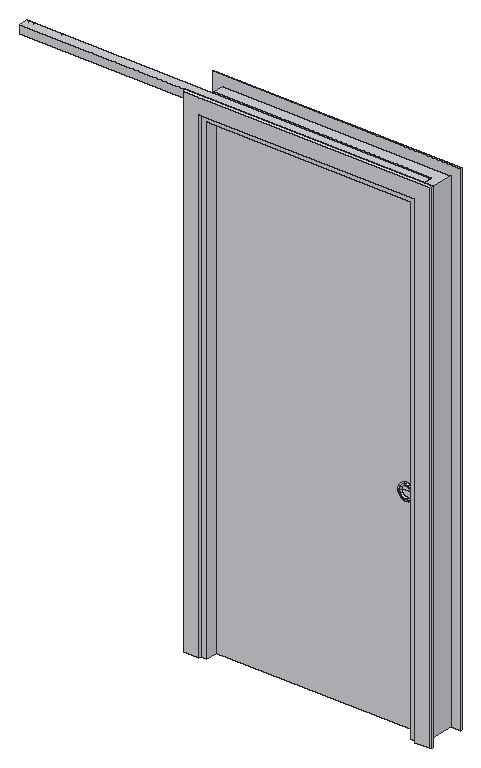
Revit family "Porta de correr com revestimento - 1 Painel embutido na parede", category Portas, Revit 2019
Family settings
  Hospedeiro = Parede
  Número OmniClass = 23.30.10.00
  Título OmniClass = Doors
  Sempre na vertical = Sim
  Corte com vazios quando carregada = Não
  Compartilhado = Não
  Ponto de cálculo do ambiente = Não
Parameters (values of type "970 x 2100mm")
  Visual Light Transmittance = 0
  Largura da apara = 70 mm
  Espessura da apara = 10 mm
  Material da apara = none
  Solar Heat Gain Coefficient = 0
  Material deslizante = none
  Rough Width = 970 mm
  Rough Height = 2100 mm
  Largura do painel = Width - Largura da estrutura  # 920 mm
  ID do tipo de construção = ""
  Coeficiente de transferência de calor (U) = 3.7021 W/(m²·K)
  Material do puxador = none
  Estender largura = Width - Largura da estrutura - 80 mm  # 840 mm
  Espessura do painel = 45 mm
  Material do painel = none
  Função = Interior
  Largura da estrutura = 50 mm
  Height = Rough Height  # 2100 mm
  Fechamento da parede = Por hospedeiro
  Width = Rough Width  # 970 mm
  Material da moldura = none
  Construção analítica = Metal
Types (5, lengths in mm): name | Rough Width | Largura do painel | Estender largura | Width
  (no name) | 970 | 920 | 840 | 970
  970 x 2100mm | 970 | 920 | 840 | 970
  670 x 2100mm | 670 | 620 | 540 | 670
  770 x 2100mm | 770 | 720 | 640 | 770
  870 x 2100mm | 870 | 820 | 740 | 870
Reference planes
  plane 1: y = 0
  plane 2 "Centro (Esquerda/Direita)": x = 0
  plane 3 "Esquerda": x = -485
  plane 4 "Direita": x = 485
  plane 5: z = 2100
  plane 6 "Exterior": y = 75
  plane 7 "Interior": y = -75
  plane 8: z = 0
  plane 9: x = -435
  plane 10: x = 435
  plane 11: y = 22.5
  plane 12: y = -22.5
  plane 13: y = 27.5
  plane 14: y = -27.5
  plane 15: x = -1275
  plane 16: x = 444
  plane 17: x = -25
  plane 18: x = -945
  plane 19: z = 2050
  plane 20: z = 1025
  plane 21: z = 900
  plane 22: x = 375
  plane 23: x = -970
  plane 24: z = 2055
  plane 25: x = -137.5
  plane 26: x = 137.5
  plane 27: through (-137.5, -300, 1025) normal (-0.5, 0, 0.866)
  plane 28: through (-137.5, -300, 1025) normal (0.5, 0, 0.866)
Forms (mm)
  Sweep 1, solid, material <- "Material da moldura", detail levels medium
    path origin (0, 0, 0) x (1, 0, 0) y (0, 0, 1)
      loop
        line (-485, 0) -> (-485, 2100) -> (435, 2100)
    profile origin (-485, 0, 1050) x (-1, 0, 0) y (0, -1, 0)
      loop
        line (0, -75) -> (0, -27.5) -> (-50, -27.5) -> (-50, -75) -> (0, -75)
      loop
        line (0, 27.5) -> (0, 75) -> (-50, 75) -> (-50, 27.5) -> (0, 27.5)
  Extrusion 2, solid, material <- "Material da moldura", detail levels medium
    sketch origin (0, 0, 0) x (1, 0, 0) y (0, 1, 0)
      loop
        line (435, 75) -> (435, -75) -> (485, -75) -> (485, 75) -> (435, 75)
    from 0 to 2100
  Extrusion 3, solid, material <- "Material do painel", detail levels fine
    sketch origin (0, 0, 0) x (1, 0, 0) y (0, 1, 0)
      loop
        line (-485, 22.5) -> (-485, -22.5) -> (435, -22.5) -> (435, 22.5) -> (-485, 22.5)
    from 0 to 2055
  Sweep 4, solid, material <- "Material deslizante", detail levels fine
    path origin (0, 0, 2100) x (0, -1, 0) y (1, 0, 0)
      loop
        line (0, -1275) -> (0, 444)
    profile "Perfil_Deslizante_F : Perfil_Deslizante_F" origin (-415.5, 0, 2100) x (0, 1, 0) y (0, 0, 1)
      loop
        line (2.875, -33) -> (2.875, -35) -> (17.5, -35) -> (17.5, 0) -> (-17.5, 0) -> (-17.5, -35) -> (-2.875, -35) -> (-2.875, -33) -> (-15.5, -33) -> (-15.5, -2) -> (15.5, -2) -> (15.5, -33) -> (2.875, -33)
      loop
        line (-5.875, -21.25) -> (-1.25, -21.25) -> (-1.25, -45) -> (1.25, -45) -> (1.25, -21.25) -> (5.875, -21.25) -> (5.875, -32) -> (10.875, -32) -> (10.875, -8.25) -> (5.875, -8.25) -> (5.875, -18.75) -> (-5.875, -18.75) -> (-5.875, -8.25) -> (-10.875, -8.25) -> (-10.875, -32) -> (-5.875, -32) -> (-5.875, -21.25)
  Extrusion 5, solid, material <- "Material da moldura", detail levels fine
    sketch origin (3125, 300, 0) x (1, 0, 0) y (0, 1, 0)
      loop
        line (-2690, -225) -> (-2690, -272.5) -> (-2681, -272.5) -> (-2681, -327.5) -> (-2690, -327.5) -> (-2690, -375) -> (-2640, -375) -> (-2640, -225) -> (-2690, -225)
    from 2100 to 0
  Sweep 6, solid, material <- "Material da moldura", detail levels fine
    path origin (0, 0, 0) x (1, 0, 0) y (0, 0, 1)
      loop
        line (-485, 0) -> (-485, 2100) -> (485, 2100)
    profile origin (-485, 0, 1050) x (-1, 0, 0) y (0, -1, 0)
      loop
        line (0, -75) -> (0, -27.5) -> (-50, -27.5) -> (-50, -75) -> (0, -75)
      loop
        line (0, 27.5) -> (0, 75) -> (-50, 75) -> (-50, 27.5) -> (0, 27.5)
  Extrusion 7, solid, material <- "Material do painel", detail levels coarse
    sketch origin (0, 0, 2100) x (0, -1, 0) y (-1, 0, 0)
      loop
        line (-27.5, 485) -> (-27.5, -485) -> (27.5, -485) -> (27.5, 485) -> (-27.5, 485)
    from 0 to 2100
  Extrusion 8, solid, material <- "Material do painel", detail levels medium
    sketch origin (0, 0, 2100) x (0, -1, 0) y (-1, 0, 0)
      loop
        line (-27.5, 485) -> (-27.5, -435) -> (27.5, -435) -> (27.5, 485) -> (-27.5, 485)
    from 50 to 2100
  Extrusion 9, void
    sketch origin (0, 75, 0) x (1, 0, 0) y (0, 0, 1)
      loop
        circle (375, 900) r 30
    from 47.5 to 102.5
  Sweep 10, solid, material <- "Material da apara", detail levels fine
    path origin (0, 75, 0) x (1, 0, 0) y (0, 0, 1)
      loop
        line (-485, 0) -> (-485, 2100) -> (485, 2100) -> (485, 0)
    profile "Perfil da apara : Perfil da apara" origin (485, 75, 1050) x (1, 0, 0) y (0, -1, 0)
      loop
        line (43, 0) -> (-27, 0) -> (-27, -10) -> (37, -10) -> (43, -4) -> (43, 0)
  Sweep 11, solid, material <- "Material da apara", detail levels fine
    path origin (0, -75, 0) x (1, 0, 0) y (0, 0, 1)
      loop
        line (485, 0) -> (485, 2100) -> (-485, 2100) -> (-485, 0)
    profile "Perfil da apara : Perfil da apara" origin (485, -75, 1050) x (-1, 0, 0) y (0, -1, 0)
      loop
        line (-43, 0) -> (27, 0) -> (27, 10) -> (-37, 10) -> (-43, 4) -> (-43, 0)
Cuts and joins
  joined: Sweep 1, Extrusion 2
  joined: Extrusion 5, Sweep 6
  Extrusion 9 cuts Extrusion 3
Lines and regions (mm)
  Opening 1
    outline origin (-3050, -75, 0) x (1, 0, 0) y (0, 0, 1)
      loop
        line (2565, 0) -> (3535, 0) -> (3535, 2100) -> (2565, 2100) -> (2565, 0)
  Masking region 1, detail levels fine
    outline origin (0, 0, 2100) x (0, -1, 0) y (1, 0, 0)
      loop
        line (-22.5, -485) -> (-27.5, -485) -> (-27.5, -1275) -> (27.5, -1275) -> (27.5, -485) -> (22.5, -485) -> (22.5, -25) -> (-22.5, -25) -> (-22.5, -485)
  Masking region 2, detail levels coarse
    outline origin (0, 0, 2100) x (0, -1, 0) y (1, 0, 0)
      loop
        line (-27.5, -1275) -> (27.5, -1275) -> (27.5, 0) -> (-27.5, 0) -> (-27.5, -1275)
  Masking region 3, detail levels medium
    outline origin (0, 0, 2100) x (0, -1, 0) y (1, 0, 0)
      loop
        line (-27.5, -1275) -> (27.5, -1275) -> (27.5, -25) -> (-27.5, -25) -> (-27.5, -1275)
  symbolic lines, style "DoorsPanelProjection", detail levels fine
    curve 1: line (-945, 22.5, 2100) -> (-25, 22.5, 2100)
    curve 2: line (-945, -22.5, 2100) -> (-945, 22.5, 2100)
    curve 3: line (-25, -22.5, 2100) -> (-945, -22.5, 2100)
    curve 4: line (-25, 22.5, 2100) -> (-25, -22.5, 2100)
  symbolic lines, style "Doors"
    curve 5: line (-485, 27.5, 2100) -> (-1275, 27.5, 2100)
    curve 6: line (-1275, 27.5, 2100) -> (-1275, -27.5, 2100)
    curve 7: line (-1275, -27.5, 2100) -> (-485, -27.5, 2100)
  symbolic lines, style "Giro da elevação", detail levels medium+fine
    curve 8: line (-485, 22.5, 2050) -> (-1275, 22.5, 2050)
    curve 9: line (-1275, 22.5, 2050) -> (-1275, 22.5, 0)
    curve 22: line (435, 75, 2050) -> (-435, 75, 0)
    curve 23: line (435, 75, 0) -> (-435, 75, 2050)
  symbolic lines, style "DoorsPanelProjection", detail levels coarse
    curve 10: line (-970, 27.5, 2100) -> (0, 27.5, 2100)
    curve 11: line (-970, -27.5, 2100) -> (-970, 27.5, 2100)
    curve 12: line (0, -27.5, 2100) -> (-970, -27.5, 2100)
    curve 13: line (0, 27.5, 2100) -> (0, -27.5, 2100)
  symbolic lines, style "Giro da elevação", detail levels coarse
    curve 14: line (-485, 22.5, 2100) -> (-1275, 22.5, 2100)
    curve 15: line (-1275, 22.5, 2100) -> (-1275, 22.5, 0)
    curve 20: line (485, 75, 2100) -> (-485, 75, 0)
    curve 21: line (485, 75, 0) -> (-485, 75, 2100)
  symbolic lines, style "DoorsPanelProjection", detail levels medium
    curve 16: line (-945, 27.5, 2100) -> (-25, 27.5, 2100)
    curve 17: line (-945, -27.5, 2100) -> (-945, 27.5, 2100)
    curve 18: line (-25, -27.5, 2100) -> (-945, -27.5, 2100)
    curve 19: line (-25, 27.5, 2100) -> (-25, -27.5, 2100)
  symbolic lines, style "Seta"
    curve 24: line (-137.5, 0, 1025) -> (137.5, 0, 1025)
    curve 25: line (-137.5, 0, 1025) -> (-59.558, 0, 1070)
    curve 26: line (-137.5, 0, 1025) -> (-59.558, 0, 980)
Text (mm)
  text "Externo" at (-2295.016, 1099.543, 0), in view "Nível de referência"
  text "Externo" at (0, 1615.38, 3698.081), in view "Esquerda"
  text "Externo" at (0, 1036.032, 3874.932), in view "Direita"
Dimensions and locks
  equal spacing: plane 3 "Esquerda", plane 2 "Centro (Esquerda/Direita)", plane 4 "Direita"
  "Width": plane 3 "Esquerda" to plane 4 "Direita"
  "Height": plane 5 to host wall
  locked: plane 6 "Exterior" to host wall at 0
  locked: plane 7 "Interior" to host wall
  locked: level to plane 8 at 0
  "Largura da estrutura": plane 3 "Esquerda" to plane 9
  "Largura da estrutura": plane 10 to plane 4 "Direita"
  equal spacing: plane 11, plane 1, plane 12
  "Espessura do painel": plane 11 to plane 12
  locked: plane 13 to plane 11 at 5
  locked: plane 12 to plane 14 at 5
  "Estender largura": plane 15 to plane 9
  locked: plane 10 to plane 16 at 9
  equal spacing: plane 18, plane 3 "Esquerda", plane 17
  "Largura do painel": plane 18 to plane 17
  "Largura da estrutura": plane 19 to plane 5
  equal spacing: plane 8, plane 20, plane 19
  locked: plane 8 to plane 21 at 900
  locked: plane 22 to plane 10 at 60
  "Width": plane 23 to plane 2 "Centro (Esquerda/Direita)"
  equal spacing: plane 23, plane 3 "Esquerda", plane 2 "Centro (Esquerda/Direita)"
  locked: plane 24 to plane 19 at 5
  locked: plane 25 to plane 26 at 275
  equal spacing: plane 25, plane 2 "Centro (Esquerda/Direita)", plane 26
  locked: curve 25 to curve 25 at 90
  locked: curve 26 to curve 26 at 90
  locked: plane 20 to plane 27 (angle 30.00°)
  locked: plane 28 to plane 20 (angle 30.00°)
  aligned and locked: plane 3 "Esquerda" to Opening 1 sketch curve
  aligned and locked: plane 5 to Opening 1 sketch curve  (x2)
  aligned and locked: Opening 1 sketch curve to plane 4 "Direita"
  aligned and locked: Opening 1 sketch curve to level
  aligned and locked: plane 1 to host wall
  aligned and locked: Sweep 1 sketch curve to plane 3 "Esquerda"
  aligned and locked: plane 5 to Sweep 1 sketch curve
  aligned and locked: Sweep 1 sketch curve to host wall  (x2)
  aligned and locked: host wall to Sweep 1 sketch curve
  aligned and locked: plane 13 to Sweep 1 sketch curve
  aligned and locked: Sweep 1 sketch curve to plane 9  (x2)
  aligned and locked: plane 14 to Sweep 1 sketch curve
  aligned and locked: profile plane to Sweep 1 sketch curve
  aligned and locked: Extrusion 2 sketch curve to host wall  (x3)
  aligned and locked: plane 10 to Extrusion 2 sketch curve
  aligned and locked: Extrusion 2 to plane 5
  aligned and locked: Extrusion 2 to plane 8
  aligned and locked: plane 10 to Sweep 1 sketch curve
  aligned and locked: Extrusion 3 sketch curve to plane 11
  aligned and locked: Extrusion 3 sketch curve to plane 3 "Esquerda"
  aligned and locked: plane 12 to Extrusion 3 sketch curve
  aligned and locked: Extrusion 3 sketch curve to plane 10
  aligned and locked: plane 8 to Extrusion 3
  aligned and locked: plane 1 to Sweep 4 sketch curve
  aligned and locked: plane 6 "Exterior" to Extrusion 5 sketch curve
  aligned and locked: plane 4 "Direita" to Extrusion 5 sketch curve
  aligned and locked: Extrusion 5 sketch curve to plane 7 "Interior"
  aligned and locked: plane 10 to Extrusion 5 sketch curve  (x2)
  aligned and locked: plane 14 to Extrusion 5 sketch curve
  aligned and locked: plane 16 to Extrusion 5 sketch curve
  aligned and locked: plane 13 to Extrusion 5 sketch curve
  aligned and locked: Extrusion 5 to plane 8
  aligned: Extrusion 5 to plane 5
  aligned and locked: Extrusion 5 to plane 5
  aligned and locked: plane 16 to Sweep 4 sketch curve
  aligned and locked: plane 11 to Masking region 1 sketch curve
  aligned and locked: plane 17 to Masking region 1 sketch curve
  aligned and locked: plane 11 to curve 1
  aligned and locked: curve 2 to plane 18
  aligned and locked: curve 3 to Masking region 1
  aligned and locked: curve 4 to Masking region 1
  aligned and locked: plane 13 to curve 5
  aligned and locked: curve 6 to plane 15
  aligned and locked: plane 14 to curve 7
  aligned and locked: plane 19 to Sweep 1
  aligned and locked: plane 15 to curve 9
  aligned and locked: curve 8 to plane 19
  aligned and locked: curve 10 to curve 5
  aligned and locked: curve 11 to plane 23
  aligned and locked: plane 14 to curve 12
  aligned and locked: plane 2 "Centro (Esquerda/Direita)" to curve 13
  aligned and locked: Masking region 2 sketch curve to curve 12
  aligned and locked: Masking region 2 sketch curve to curve 13
  aligned and locked: Sweep 6 sketch curve to plane 3 "Esquerda"
  aligned and locked: plane 5 to Sweep 6 sketch curve
  aligned and locked: Sweep 6 sketch curve to Sweep 1  (x6)
  aligned and locked: host wall to Sweep 6 sketch curve
  aligned and locked: Extrusion 7 sketch curve to Sweep 1
  aligned and locked: plane 14 to Extrusion 7 sketch curve
  aligned and locked: Extrusion 7 sketch curve to plane 4 "Direita"
  aligned and locked: Extrusion 7 to level
  aligned and locked: Extrusion 7 to plane 5
  aligned and locked: plane 13 to Extrusion 8 sketch curve
  aligned and locked: Extrusion 8 sketch curve to Extrusion 5  (x2)
  aligned and locked: Extrusion 8 sketch curve to plane 3 "Esquerda"
  aligned and locked: Extrusion 8 to plane 8
  aligned and locked: plane 19 to Extrusion 8
  aligned and locked: plane 15 to curve 15
  aligned and locked: plane 5 to curve 14
  aligned and locked: Masking region 3 sketch curve to curve 5
  aligned and locked: Masking region 3 sketch curve to curve 6
  aligned and locked: Extrusion 8 to Masking region 3 sketch curve
  aligned and locked: plane 17 to Masking region 3 sketch curve
  aligned and locked: curve 10 to curve 16
  aligned and locked: curve 17 to plane 18
  aligned and locked: curve 12 to curve 18
  aligned and locked: plane 17 to curve 19
  aligned and locked: plane 24 to Extrusion 3
  aligned and locked: plane 22 to nested 1
  aligned and locked: plane 1 to nested 1
  aligned and locked: plane 21 to nested 1
  aligned and locked: plane 21 to Extrusion 9 sketch curve
  aligned and locked: plane 22 to Extrusion 9 sketch curve
  aligned and locked: plane 13 to Extrusion 9
  aligned and locked: plane 14 to Extrusion 9
  aligned and locked: plane 15 to Sweep 4 sketch curve
  aligned and locked: plane 5 to curve 20
  aligned and locked: plane 4 "Direita" to curve 20
  aligned and locked: plane 5 to curve 21
  aligned and locked: plane 3 "Esquerda" to curve 21
  aligned and locked: plane 8 to curve 21
  aligned and locked: plane 4 "Direita" to curve 21
  aligned and locked: plane 8 to curve 20
  aligned and locked: plane 3 "Esquerda" to curve 20
  aligned and locked: plane 19 to curve 22
  aligned and locked: plane 10 to curve 22
  aligned and locked: plane 19 to curve 23
  aligned and locked: plane 9 to curve 23
  aligned and locked: plane 8 to curve 22
  aligned and locked: plane 9 to curve 22
  aligned and locked: plane 8 to curve 23
  aligned and locked: plane 10 to curve 23
  aligned and locked: plane 15 to Masking region 2 sketch curve
  aligned and locked: Masking region 1 sketch curve to plane 3 "Esquerda"  (x2)
  aligned and locked: plane 14 to Masking region 1 sketch curve
  aligned and locked: plane 13 to Masking region 1 sketch curve
  aligned and locked: Masking region 1 sketch curve to plane 15
  aligned and locked: plane 14 to Sweep 6 sketch curve
  aligned and locked: curve 25 to plane 27
  aligned and locked: curve 26 to plane 28
  aligned and locked: nested 2 to plane 5
  aligned and locked: Sweep 4 to plane 5
  aligned and locked: plane 4 "Direita" to Sweep 10 sketch curve
  aligned and locked: plane 5 to Sweep 10 sketch curve
  aligned and locked: plane 3 "Esquerda" to Sweep 10 sketch curve
  aligned and locked: Sweep 11 sketch curve to plane 4 "Direita"
  aligned and locked: Sweep 11 sketch curve to plane 5
  aligned and locked: Sweep 11 sketch curve to plane 3 "Esquerda"
Automatic sketch dimensions
  Masking region 1 sketch curve to plane 12 = 0 mm
  Sweep 1 sketch curve to level = 0 mm
  plane 14 to curve 6 = 0 mm
  curve 5 to plane 3 "Esquerda" = 0 mm
  curve 7 to plane 3 "Esquerda" = 0 mm
  plane 3 "Esquerda" to curve 14 = 0 mm
  plane 3 "Esquerda" to curve 8 = 0 mm
  curve 9 to level = 0 mm
  Masking region 2 sketch curve to plane 13 = 0 mm
  plane 4 "Direita" to Sweep 6 sketch curve = 0 mm
  Sweep 6 sketch curve to level = 0 mm
  Sweep 6 sketch curve to Sweep 6 sketch curve = 50 mm
  Extrusion 7 sketch curve to plane 13 = 0 mm
  curve 24 to plane 26 = 0 mm
  Sweep 11 sketch curve to level = 0 mm  (x2)
  Sweep 10 sketch curve to level = 0 mm  (x2)
  radius of Extrusion 9 sketch curve = 30 mm
Nested families
  nested 1: "Maçaneta da porta 5" at (375, 0, 900), type "Maçaneta da porta 5"
  nested 2: "Deslizante_G" at (12.5, 0, 2100), type "Deslizante_G", detail levels medium
Definition of nested family "Maçaneta da porta 5"
  Parameters
    Espessura do painel = 45 mm
    Material do puxador = none
  Reference planes
    plane 1 "Centro (Frente/Trás)": y = 0
    plane 2: z = 0
    plane 3 "Centro (Esquerda/Direita)": x = 0
    plane 4: y = 22.5
    plane 5: y = -22.5
    plane 6: y = 12.5
    plane 7: y = -12.5
    plane 8: y = 32.5
    plane 9: y = -32.5
  Forms (mm)
    Revolve 1, solid, material <- "Material do puxador", detail levels fine
      sketch origin (0, 0, 0) x (1, 0, 0) y (0, 1, 0)
        loop
          arc (-30, 27.5) -> (-33.536, 26.036) -> (-35, 22.5) r 5
          line (-35, 22.5) -> (-30, 22.5) -> (-30, 12.5) -> (0, 12.5) -> (0, 17.5) -> (-25, 17.5) -> (-25, 27.5) -> (-30, 27.5)
        loop
          line (-30, -27.5) -> (-25, -27.5) -> (-25, -17.5) -> (0, -17.5) -> (0, -12.5) -> (-30, -12.5) -> (-30, -22.5) -> (-35, -22.5)
          arc (-35, -22.5) -> (-33.536, -26.036) -> (-30, -27.5) r 5
        axis (0, 27.5) -> (0, -27.5)
      angle from 0 to 360
    Extrusion 2, solid, material <- "Material do puxador", detail levels fine
      sketch origin (0, 0, 0) x (1, 0, 0) y (0, 0, 1)
        loop
          circle (0, 0) r 20
      from -12.5 to 12.5
  Cuts and joins
    joined: Revolve 1, Extrusion 2
  Dimensions and locks
    equal spacing: plane 4, plane 1 "Centro (Frente/Trás)", plane 5
    "Espessura do painel": plane 4 to plane 5
    locked: plane 6 to Revolve 1 sketch curve at 5
    locked: Revolve 1 sketch curve to plane 4 at 5
    locked: plane 7 to Revolve 1 sketch curve at 5
    locked: plane 5 to Revolve 1 sketch curve at 5
    locked: plane 8 to plane 4 at 10
    locked: plane 5 to plane 9 at 10
    aligned and locked: level to plane 2
    aligned and locked: Revolve 1 sketch curve to plane 6
    aligned and locked: plane 4 to Revolve 1 sketch curve
    aligned and locked: Revolve 1 sketch curve to plane 7
    aligned and locked: plane 5 to Revolve 1 sketch curve
    aligned and locked: Revolve 1 sketch curve to plane 3 "Centro (Esquerda/Direita)"  (x3)
    aligned and locked: plane 6 to Extrusion 2
    aligned and locked: Extrusion 2 to plane 7
    aligned and locked: plane 2 to Extrusion 2 sketch curve
    aligned and locked: plane 3 "Centro (Esquerda/Direita)" to Extrusion 2 sketch curve
  Automatic sketch dimensions
    Revolve 1 sketch curve to plane 5 = 45 mm
    plane 4 to Revolve 1 sketch curve = 50 mm
    Revolve 1 sketch curve to plane 3 "Centro (Esquerda/Direita)" = 25 mm  (x2)
    Revolve 1 sketch curve to Revolve 1 sketch curve = 5 mm  (x3)
    Revolve 1 sketch curve to Revolve 1 sketch curve = 0 mm
    radius of Extrusion 2 sketch curve = 20 mm
Definition of nested family "Deslizante_G"
  Reference planes
    plane 1 "Centro (Frente/Trás)": y = 0
    plane 2: z = 0
    plane 3 "Centro (Esquerda/Direita)": x = 0
  Lines and regions (mm)
    symbolic lines
      curve 1: line (0, -17.5, 0) -> (0, 17.5, 0)
      curve 2: line (0, 17.5, 0) -> (0, 17.5, -35)
      curve 3: line (0, 17.5, -35) -> (0, 1.25, -35)
      curve 4: line (0, -17.5, -35) -> (0, -17.5, 0)
      curve 5: line (0, -1.25, -35) -> (0, -17.5, -35)
      curve 6: line (0, -1.25, -35) -> (0, -1.25, -50)
      curve 7: line (0, 1.25, -50) -> (0, 1.25, -25)
      curve 8: line (0, -1.25, -35) -> (0, -1.25, -25)
      curve 9: line (0, -1.25, -25) -> (0, 1.25, -25)
      curve 10: line (0, 1.25, -50) -> (0, -1.25, -50)
  Dimensions and locks
    aligned and locked: level to plane 2
